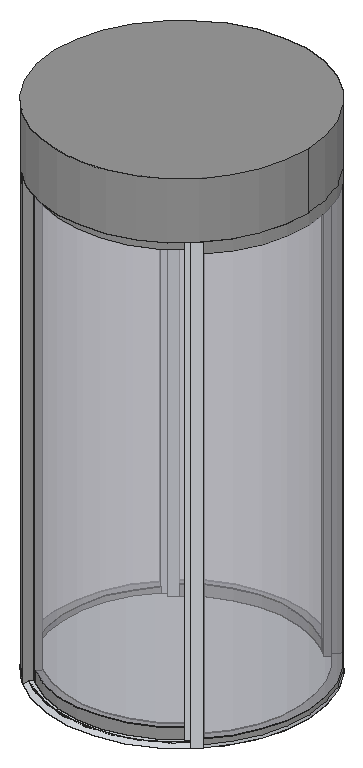
Revit family "C2-R", category Doors, host Wall, Revit 2017
Family settings
  Host = Wall
  OmniClass Number = 23.30.10.00
  OmniClass Title = Doors
  Always vertical = Yes
  Cut with Voids When Loaded = No
  Shared = No
  Room Calculation Point = No
Parameters (values of type "HUC STD")
  Radius4 = Radius - 22.5 mm  # 553 mm
  Radius3 = Radius * 0.884  # 508.742 mm
  Radius2 = Radius * 0.9323  # 536.539 mm
  Radius = Width / 2  # 575.5 mm
  Weekly = "refer to O&M manual"
  WarrantyStartDate [instance] = ""
  WarrantyGuarantorParts = ""
  WarrantyGuarantorLabour = ""
  WarrantyDurationUnit = "N/A"
  WarrantyDurationParts = "N/A"
  WarrantyDurationLabour = "N/A"
  WarrantyDescription = "N/A"
  Warranty ID = ""
  Voltage = "110 - 230 V"
  UsageCurrent = 0
  Unique Reference = ""
  Translucency = 0 mm
  ThermalTransmittanceWinter = 0 mm
  ThermalTransmittanceSummer = 0 mm
  ThermalTransmittance = 0
  Technical Description = ""
  TagNumber [instance] = ""
  SustainabilityPerformance = ""
  Supply Phase = 1
  StartCurrentFactor = 0
  Thickness = Width  # 1151 mm
  SolarHeatGainTransmittance = 0 mm
  SmokeStop = no
  Size(HxWxD) = "2312x1151x1151"
  Shipping Weight = "670 kg (standard version: whole portal assembled, one crate)"
  Shape = "circular"
  ServiceLifeType = ""
  ServiceLifeDuration [instance] = ""
  SerialNumber [instance] = ""
  SelfClosing = yes
  SecurityRating = ""
  Responsible Sourcing of Materials = ""
  Responsible Extraction of Materials = ""
  ReplacementCost = ""
  Reflectivity = 0 mm
  Reference = ""
  Quarterly = ""
  Product Range = "High Security Portals"
  Product Name = ""
  Product Model Number = "C2"
  Product Literature = ""
  Product URL = "https://www.alluserindustrie.com/cylindrical/C2/"
  PhaseReference = ""
  PhaseAngle = 0.00°
  Overall Width = Width  # 1151 mm
  Overall Length = Width  # 1151 mm
  Overall Height = Height  # 2320 mm
  Operation and Maintenance Manual = ""
  NumberOfPoles = 0
  Number of Poles = 0
  NominalVoltage = 0
  NominalLength = 0 mm
  NominalFrequencyRange = 0
  NominalCurrent = 0
  NominalWidth = ""
  NominalHeight = ""
  Name = ""
  MotorEnclosureType = ""
  Monthly = "refer to O&M manual"
  ModelReference = ""
  ModelNumber = ""
  MaximumPowerOutput = 0
  Material = ""
  Manufacturer Country = "Italy"
  Manufacturer Website = "www.alluserindustrie.com"
  Manufacturer = "Alluser Industrie srl"
  LockedRotorCurrent = 0
  Location of Manufacturer = "Italy"
  Life Cycle Analysis = 0
  IsWired = yes
  IsTempered = no
  IsLaminated = yes
  IsGuarded  = yes
  IsExternal = yes
  IsCoated = yes
  InsulationStandardClass = ""
  Instruction Video = "https://www.youtube.com/watch?v=nNg_blPAJUQ"
  InstallationDate [instance] = ""
  Infiltration = 0
  IP_Code = ""
  HasProtectiveEarth = yes
  HasPartWinding = yes
  HasDrive = yes
  HandicapAccessible = yes
  Gross Weight = "520 kg (with glass P2A UNI EN 356)"
  Green Guide for Specification = ""
  Grade = ""
  GlazingAreaFraction = 0
  GlassThickness3 = 0 mm
  GlassThickness2 = 0 mm
  GlassThickness1 = 11 mm
  GlassLayers = 1
  GlassColour = ""
  Function = Interior
  Frequency = "50-60Hz"
  FrameSize = ""
  FireRating = ""
  FireExit = no
  Finish = ""
  FillGas = ""
  Features = ""
  Feature = "Anti Tailgating High Security portal - Cylindrical Shape"
  ExpectedLife = "Subjected to regular maintenance"
  Expected Life = "Subjected to regular maintenance"
  Environmental Product Declaration = ""
  Energy Technology List = ""
  Enclosure Rating = ""
  Embodied Carbon = ""
  ElectricalDeviceNominalPower = 35
  ElectricMotorEfficiency = 0
  EAN Code = ""
  Duration Unit = ""
  Design Country = "Italy"
  Description = "Anti Tailgating High Security portal - Cylindrical Shape"
  Daily = "refer to O&M manual"
  Analytic Construction = "<Nessuno>"
  Constituents = ""
  Colour = "PPC RAL 30% Gloss"
  CodePerformance = ""
  Category = ""
  CE Approval = yes
  BeamRadiationTransmittance = 0 mm
  Battery Type = "Sealed Lead  Acid Battery 7Ah; 12 V"
  Battery Supply = yes
  BarCode [instance] = ""
  AssetType = "Alluser Antitailgating High Security Portals"
  AssetIdentifier [instance] = "C2R"
  Annually = "refer to O&M manual"
  Rough Height = 2320 mm
  Height = 2320 mm
  Wall Closure = By host
  Width = 1151 mm
  AcousticRating = ""
  AccessibilityPerformance = ""
  Access Clearance Bottom = "It is not required"
  Access Clearance Top = "Space above top (internal side) raccomanded 750 mm (min. 350 mm)"
  Access Clearance Right = "It is not required"
  Access Clearance Rear = "It is not required"
  Access Clearance Left = "It is not required"
  Access Clearance Front = "It is not required"
  6 Monthly = "refer to O&M manual"
Types (3, lengths in mm): name | Voltage | SmokeStop | Size(HxWxD) | Shipping Weight | Overall Height | IsTempered | Gross Weight | Expected Life | Enclosure Rating | Rough Height | Height
  HUC STD | "110 - 230 V" | no | "2312x1151x1151" | "670 kg (standard version: whole portal assembled, one crate)" | 2320 | no | "520 kg (with glass P2A UNI EN 356)" | "Subjected to regular maintenance" | "" | 2320 | 2320
  HUC 2134 | "110 - 220 v" | yes | "2406x1151x1151" | "685 kg (standard version: whole portal assembled, one crate)" | 2406 | yes | "535 kg (with glass P2A UNI EN 356)" | "subjected to regular maintenance" | "N/A" | 2406 | 2406
  HUC 2300 | "110 - 220 v" | yes | "2560x1151x1151" | "655 kg (standard version: whole portal assembled, one crate)" | 2560 | yes | "550 kg (with glass P2A UNI EN 356)" | "Subjected to regular maintenance" | "N/A" | 2560 | 2560
Reference planes
  plane 1: y = 0
  plane 2 "Centro (Sinistra/Destra)": x = 0
  plane 3 "Sinistra": x = -575.5
  plane 4 "Destra": x = 575.5
  plane 5: z = 2320
  plane 6 "Esterni": y = 75
  plane 7 "Interno": y = -75
  plane 8: z = 0
  plane 9: z = 2060
  plane 10: z = 62
  plane 11: z = 2010
  plane 12: y = 57.205
  plane 13: y = -57.205
  plane 14: y = 575.5
  plane 15: y = -575.5
  plane 16: y = 584.5
  plane 17: y = -584.5
  plane 18: through (322.537, 372.669, 1200) normal (0.7561, -0.6544, 0)
  plane 19: through (-332.534, 369.358, 1200) normal (0.7432, 0.6691, 0)
  plane 20: through (-290.872, 293.191, 1200) normal (-0.7432, -0.6691, 0)
  plane 21: through (184.956, 282.468, 1200) normal (-0.7561, 0.6544, 0)
  plane 22: z = 35
  plane 23: z = 12
  plane 24: y = 553.5
  plane 25: through (356.563, 343.22, 1200) normal (0.7561, -0.6544, 0)
  plane 26: through (-311.074, 375.414, 1200) normal (0.7432, 0.6691, 0)
  plane 27: through (360.784, -333.48, 1200) normal (-0.7432, -0.6691, 0)
  plane 28: through (337.659, 359.58, 1200) normal (0.7561, -0.6544, 0)
  plane 29: through (307.414, 385.757, 1200) normal (0.7561, -0.6544, 0)
  plane 30: through (362.121, -334.966, 1200) normal (-0.7432, -0.6691, 0)
  plane 31: through (-365.977, 339.249, 1200) normal (0.7432, 0.6691, 0)
Forms (mm)
  Extrusion 1, solid, material "Zinco"
    sketch origin (0, 0, 0) x (1, 0, 0) y (0, 1, 0)
      loop
        circle (0, 0) r 575.5
    from 2060 to 2320
  Extrusion 2, solid, material "Zinco"
    sketch origin (0, 0, 0) x (1, 0, 0) y (0, 1, 0)
      loop
        arc (335.753, 418.501) -> (-5.25, 536.513) -> (-343.879, 411.851) r 536.539
        line (-343.879, 411.851) -> (-325.267, 391.178)
        arc (-325.267, 391.178) -> (-4.978, 508.718) -> (317.549, 397.468) r 508.742
        line (317.549, 397.468) -> (335.753, 418.501)
    from 12 to 62
  Extrusion 3, solid, material "Vetro"
    sketch origin (0, 0, 0) x (1, 0, 0) y (0, 1, 0)
      loop
        arc (335.753, 418.501) -> (-5.25, 536.513) -> (-343.879, 411.851) r 536.539
        line (-343.879, 411.851) -> (-325.267, 391.178)
        arc (-325.267, 391.178) -> (-4.978, 508.718) -> (317.549, 397.468) r 508.742
        line (317.549, 397.468) -> (335.753, 418.501)
    from 62 to 2010
  Extrusion 4, solid
    sketch origin (0, 0, 0) x (1, 0, 0) y (0, 1, 0)
      loop
        arc (335.753, 418.501) -> (-5.25, 536.513) -> (-343.879, 411.851) r 536.539
        line (-343.879, 411.851) -> (-325.267, 391.178)
        arc (-325.267, 391.178) -> (-4.978, 508.718) -> (317.549, 397.468) r 508.742
        line (317.549, 397.468) -> (335.753, 418.501)
    from 2010 to 2060
  Extrusion 5, solid, material "Zinco"
    sketch origin (0, 0, 0) x (1, 0, 0) y (0, 1, 0)
      loop
        arc (365.999, 392.325) -> (351.12, 405.695) -> (335.753, 418.501) r 536.539
        line (335.753, 418.501) -> (317.549, 397.468)
        arc (317.549, 397.468) -> (332.929, 384.677) -> (347.795, 371.291) r 508.742
        line (347.795, 371.291) -> (365.999, 392.325)
    from 12 to 2060
  Extrusion 6, solid, material "Zinco"
    sketch origin (23.368, 27, 0) x (1, 0, 0) y (0, 1, 0)
      loop
        arc (-389.367, -419.325) -> (-374.488, -432.695) -> (-359.122, -445.502) r 536.539
        line (-359.122, -445.502) -> (-340.918, -424.468)
        arc (-340.918, -424.468) -> (-356.298, -411.677) -> (-371.163, -398.292) r 508.742
        line (-371.163, -398.292) -> (-389.367, -419.325)
    from 12 to 2060
  Extrusion 7, solid, material "Zinco"
    sketch origin (0, 0, 0) x (1, 0, 0) y (0, 1, 0)
      loop
        line (-317.549, -397.468) -> (-335.753, -418.501)
        arc (-335.753, -418.501) -> (5.25, -536.513) -> (343.879, -411.851) r 536.539
        line (343.879, -411.851) -> (325.267, -391.178)
        arc (325.267, -391.178) -> (4.978, -508.718) -> (-317.549, -397.468) r 508.742
    from 12 to 62
  Extrusion 8, solid, material "Vetro"
    sketch origin (0, 0, 0) x (1, 0, 0) y (0, 1, 0)
      loop
        arc (325.267, -391.178) -> (4.978, -508.718) -> (-317.549, -397.468) r 508.742
        line (-317.549, -397.468) -> (-335.753, -418.501)
        arc (-335.753, -418.501) -> (5.25, -536.513) -> (343.879, -411.851) r 536.539
        line (343.879, -411.851) -> (325.267, -391.178)
    from 62 to 2010
  Extrusion 9, solid, material "Zinco"
    sketch origin (0, 0, 0) x (1, 0, 0) y (0, 1, 0)
      loop
        arc (324.415, -391.884) -> (4.425, -508.723) -> (-317.549, -397.468) r 508.742
        line (-317.549, -397.468) -> (-335.753, -418.501)
        arc (-335.753, -418.501) -> (5.25, -536.513) -> (343.879, -411.851) r 536.539
        line (343.879, -411.851) -> (324.415, -391.884)
    from 2010 to 2060
  Extrusion 10, solid, material "Zinco"
    sketch origin (0, 0, 0) x (1, 0, 0) y (0, 1, 0)
      loop
        arc (-417.303, 396.306) -> (-575.473, -5.615) -> (-409.49, -404.374) r 575.5
        line (-409.49, -404.374) -> (-383.909, -374.817)
        arc (-383.909, -374.817) -> (-536.513, -5.235) -> (-391.15, 367.254) r 536.539
        line (-391.15, 367.254) -> (-417.303, 396.306)
    from 12 to 35
  Extrusion 11, solid, material "Zinco"
    sketch origin (0, 0, 0) x (1, 0, 0) y (0, 1, 0)
      loop
        arc (-383.909, -374.817) -> (-536.513, -5.235) -> (-391.15, 367.254) r 536.539
        line (-391.15, 367.254) -> (-417.303, 396.306)
        arc (-417.303, 396.306) -> (-575.473, -5.615) -> (-409.49, -404.374) r 575.5
        line (-409.49, -404.374) -> (-383.909, -374.817)
    from 2010 to 2060
  Extrusion 12, solid, material "Zinco"
    sketch origin (0, 0, 0) x (1, 0, 0) y (0, 1, 0)
      loop
        arc (-409.49, -404.374) -> (-393.355, -420.086) -> (-376.617, -435.155) r 575.5
        line (-376.617, -435.155) -> (-351.12, -405.695)
        arc (-351.12, -405.695) -> (-367.839, -390.6) -> (-383.909, -374.817) r 536.539
        line (-383.909, -374.817) -> (-409.49, -404.374)
    from 0 to 2060
  Extrusion 13, solid, material "Zinco"
    sketch origin (0, 0, 0) x (1, 0, 0) y (0, 1, 0)
      loop
        arc (417.325, -396.283) -> (575.472, 5.631) -> (409.49, 404.374) r 575.5
        line (409.49, 404.374) -> (383.909, 374.817)
        arc (383.909, 374.817) -> (536.513, 5.25) -> (391.17, -367.232) r 536.539
        line (391.17, -367.232) -> (417.325, -396.283)
    from 12 to 35
  Extrusion 14, solid, material "Zinco"
    sketch origin (0, 0, 0) x (1, 0, 0) y (0, 1, 0)
      loop
        arc (409.49, 404.374) -> (393.355, 420.086) -> (376.617, 435.155) r 575.5
        line (376.617, 435.155) -> (351.12, 405.695)
        arc (351.12, 405.695) -> (367.839, 390.6) -> (383.909, 374.817) r 536.539
        line (383.909, 374.817) -> (409.49, 404.374)
    from 0 to 2060
  Extrusion 15, solid, material "Vetro"
    sketch origin (0, 0, 0) x (1, 0, 0) y (0, 1, 0)
      loop
        arc (417.325, -396.283) -> (575.472, 5.631) -> (409.49, 404.374) r 575.5
        line (409.49, 404.374) -> (383.909, 374.817)
        arc (383.909, 374.817) -> (536.513, 5.25) -> (391.17, -367.232) r 536.539
        line (391.17, -367.232) -> (417.325, -396.283)
    from 35 to 2010
  Extrusion 16, solid, material "Zinco"
    sketch origin (0, 0, 0) x (1, 0, 0) y (0, 1, 0)
      loop
        arc (417.325, -396.283) -> (575.472, 5.631) -> (409.49, 404.374) r 575.5
        line (409.49, 404.374) -> (383.909, 374.817)
        arc (383.909, 374.817) -> (536.513, 5.25) -> (391.17, -367.232) r 536.539
        line (391.17, -367.232) -> (417.325, -396.283)
    from 2010 to 2060
  Extrusion 17, solid
    sketch origin (0, 0, 0) x (1, 0, 0) y (0, 1, 0)
      loop
        arc (417.325, -396.283) -> (575.472, 5.631) -> (409.49, 404.374) r 575.5
        line (409.49, 404.374) -> (394.718, 387.307)
        arc (394.718, 387.307) -> (-5.396, 552.974) -> (-402.201, 379.53) r 553
        line (-402.201, 379.53) -> (-417.303, 396.306)
        arc (-417.303, 396.306) -> (-575.473, -5.615) -> (-409.49, -404.374) r 575.5
        line (-409.49, -404.374) -> (-394.718, -387.307)
        arc (-394.718, -387.307) -> (5.411, -552.974) -> (402.222, -379.508) r 553
        line (402.222, -379.508) -> (417.325, -396.283)
    from 0 to 12
  Sweep 18, solid
    path origin (0, 0, 0) x (1, 0, 0) y (0, 1, 0)
      loop
        circle (0, 0) r 575.5
    profile origin (0, 575.5, 0) x (0, -1, 0) y (0, 0, 1)
      loop
        line (0, 0) -> (22.5, 0) -> (22.5, 12.422) -> (0, 0)
  Extrusion 19, solid
    sketch origin (0, -1.149, 0) x (1, 0, 0) y (0, 1, 0)
      loop
        arc (-385.061, 428.851) -> (-401.489, 413.468) -> (-417.303, 397.455) r 575.5
        line (-417.303, 397.455) -> (-391.15, 368.403)
        arc (-391.15, 368.403) -> (-375.401, 384.486) -> (-358.992, 399.895) r 536.539
        line (-358.992, 399.895) -> (-385.061, 428.851)
    from 0 to 2060
  Extrusion 20, solid
    sketch origin (0, 0, 0) x (1, 0, 0) y (0, 1, 0)
      loop
        circle (0, 0) r 553
    from 0 to 12
  Extrusion 21, solid
    sketch origin (0, 0, 0) x (1, 0, 0) y (0, 1, 0)
      loop
        arc (343.879, -411.851) -> (358.992, -398.746) -> (373.606, -385.087) r 536.539
        line (373.606, -385.087) -> (354.994, -364.414)
        arc (354.994, -364.414) -> (340.394, -378.088) -> (325.267, -391.178) r 508.742
        line (325.267, -391.178) -> (343.879, -411.851)
    from 12 to 2060
  Extrusion 22, solid
    sketch origin (0, 0, 0) x (1, 0, 0) y (0, 1, 0)
      loop
        arc (385.061, -427.702) -> (401.5, -412.308) -> (417.325, -396.283) r 575.5
        line (417.325, -396.283) -> (391.17, -367.232)
        arc (391.17, -367.232) -> (375.412, -383.327) -> (358.992, -398.746) r 536.539
        line (358.992, -398.746) -> (385.061, -427.702)
    from 0 to 2060
  Extrusion 23, solid, material "Vetro"
    sketch origin (0, 0, 0) x (1, 0, 0) y (0, 1, 0)
      loop
        arc (-383.909, -374.817) -> (-536.513, -5.235) -> (-391.15, 367.254) r 536.539
        line (-391.15, 367.254) -> (-417.303, 396.306)
        arc (-417.303, 396.306) -> (-575.473, -5.615) -> (-409.49, -404.374) r 575.5
        line (-409.49, -404.374) -> (-383.909, -374.817)
    from 35 to 2010
  Extrusion 24, solid
    sketch origin (0, 0, 0) x (1, 0, 0) y (0, 1, 0)
      loop
        arc (-343.879, 411.851) -> (-358.992, 398.746) -> (-373.606, 385.087) r 536.539
        line (-373.606, 385.087) -> (-354.994, 364.414)
        arc (-354.994, 364.414) -> (-340.394, 378.088) -> (-325.267, 391.178) r 508.742
        line (-325.267, 391.178) -> (-343.879, 411.851)
    from 12 to 2300
Lines and regions (mm)
  Opening 1
    outline origin (-3138.249, -75, 0) x (1, 0, 0) y (0, 0, 1)
      loop
        line (2562.749, 0) -> (3713.749, 0) -> (3713.749, 2320) -> (2562.749, 2320) -> (2562.749, 0)
  reference lines
    curve 1: circle (0, 0, 0) r 536.539 normal (0, 0, 1)
    curve 2: circle (0, 0, 0) r 508.742 normal (0, 0, 1)
    curve 3: circle (0, 0, 0) r 575.5 normal (0, 0, 1)
    curve 4: circle (0, 0, 0) r 553 normal (0, 0, 1)
Text (mm)
  text "Exterior" at (-2295.016, 1099.543, 0), in view "Ref. Level"
  text "Exterior" at (0, 1615.38, 3698.081), in view "Left"
  text "Exterior" at (0, 1036.032, 3874.932), in view "Right"
Dimensions and locks
  equal spacing: plane 3 "Sinistra", plane 2 "Centro (Sinistra/Destra)", plane 4 "Destra"
  "Width": plane 3 "Sinistra" to plane 4 "Destra"
  "Height": plane 5 to host wall
  host wall to plane 5 = 2320 mm  (x2)
  locked: plane 6 "Esterni" to host wall at 0
  locked: plane 7 "Interno" to host wall
  level to plane 8 = 0 mm  (x2)
  level to plane 9 = 2060 mm
  locked: plane 9 to plane 5 at 260
  level to plane 10 = 62 mm
  plane 11 to plane 9 = 50 mm
  equal spacing: plane 12, host wall, plane 13, locked at 57.205 each
  "Radius": plane 14 to host wall to plane 15
  locked: plane 16 to plane 14 at 9
  locked: plane 15 to plane 17 at 9
  plane 18 to plane 21 = 45 mm
  level to plane 22 = 35 mm
  level to plane 23 = 12 mm
  plane 24 to plane 14 = 22 mm
  plane 18 to Extrusion 6 = 20 mm
  Extrusion 10 to plane 18 = 45 mm
  plane 27 to plane 19 = 45 mm
  plane 19 to plane 31 = 45 mm
  "Radius": radius of Extrusion 1 sketch curve
  "Radius2": radius of curve 1
  "Radius3": radius of curve 2
  "Radius": radius of curve 3
  "Radius4": radius of curve 4
  locked: plane 19 to host wall (angle 48.0032°)
  locked: plane 20 to host wall (angle 48.0032°)
  aligned and locked: plane 3 "Sinistra" to Opening 1 sketch curve
  aligned and locked: plane 5 to Opening 1 sketch curve  (x2)
  aligned and locked: Opening 1 sketch curve to plane 4 "Destra"
  aligned and locked: Opening 1 sketch curve to level
  aligned and locked: plane 1 to host wall
  aligned and locked: Extrusion 1 to host wall
  aligned and locked: Extrusion 1 to plane 9
  aligned and locked: Extrusion 2 sketch curve to curve 1
  aligned and locked: Extrusion 2 sketch curve to curve 2
  aligned and locked: Extrusion 3 sketch curve to Extrusion 2  (x2)
  aligned and locked: plane 10 to Extrusion 3
  aligned and locked: plane 11 to Extrusion 3
  aligned and locked: Extrusion 4 sketch curve to Extrusion 3  (x2)
  aligned and locked: Extrusion 4 to Extrusion 1
  aligned and locked: Extrusion 4 to plane 11
  aligned and locked: Extrusion 5 to Extrusion 1
  aligned and locked: Extrusion 6 to Extrusion 1
  aligned and locked: Extrusion 7 sketch curve to curve 2
  aligned and locked: Extrusion 7 sketch curve to curve 1
  aligned and locked: Extrusion 7 to plane 10
  aligned and locked: plane 11 to Extrusion 8
  aligned and locked: Extrusion 9 to Extrusion 1
  aligned and locked: Extrusion 9 to plane 11
  aligned and locked: Extrusion 10 sketch curve to curve 3
  aligned and locked: Extrusion 10 sketch curve to curve 1
  aligned and locked: Extrusion 10 sketch curve to plane 21
  aligned and locked: Extrusion 10 to plane 22
  aligned and locked: Extrusion 11 to Extrusion 1
  aligned and locked: Extrusion 11 to plane 11
  aligned and locked: Extrusion 12 sketch curve to plane 18
  aligned and locked: Extrusion 12 sketch curve to curve 3
  aligned and locked: Extrusion 12 to Extrusion 1
  aligned and locked: Extrusion 13 sketch curve to curve 3
  aligned and locked: Extrusion 13 sketch curve to curve 1
  aligned and locked: Extrusion 13 to plane 22
  aligned and locked: Extrusion 14 to Extrusion 1
  aligned and locked: Extrusion 15 sketch curve to Extrusion 13  (x2)
  aligned and locked: plane 11 to Extrusion 15
  aligned and locked: plane 22 to Extrusion 15
  aligned and locked: Extrusion 16 sketch curve to Extrusion 15  (x2)
  aligned and locked: Extrusion 16 to Extrusion 1
  aligned and locked: Extrusion 16 to plane 11
  aligned and locked: Extrusion 2 to plane 10
  aligned and locked: Extrusion 13 to plane 23
  aligned and locked: Extrusion 5 to Extrusion 7
  aligned and locked: Extrusion 5 to Extrusion 2
  aligned and locked: Extrusion 2 to Extrusion 6
  aligned and locked: Extrusion 2 to Extrusion 10
  aligned and locked: Extrusion 17 sketch curve to Extrusion 15  (x2)
  aligned and locked: Extrusion 17 to Extrusion 2
  aligned and locked: Extrusion 14 to level
  aligned and locked: Extrusion 12 to level
  aligned and locked: Extrusion 17 sketch curve to curve 4
  aligned and locked: Extrusion 8 sketch curve to Extrusion 7  (x3)
  aligned and locked: Extrusion 3 to Extrusion 8
  aligned and locked: plane 10 to Extrusion 8
  aligned and locked: Sweep 18 sketch curve to curve 3
  aligned and locked: plane 29 to Extrusion 6 sketch curve
  aligned and locked: Extrusion 23 sketch curve to Extrusion 10  (x2)
  aligned and locked: Extrusion 12 to Extrusion 23 sketch curve
  aligned and locked: Extrusion 9 sketch curve to Extrusion 8  (x3)
  aligned and locked: Extrusion 21 to Extrusion 1
  aligned and locked: Extrusion 22 to Extrusion 1
  aligned and locked: Extrusion 23 to Extrusion 3
  aligned and locked: Extrusion 12 to Extrusion 4
  aligned and locked: Extrusion 6 to Extrusion 4
  aligned and locked: Extrusion 3 to Extrusion 15
  aligned and locked: Extrusion 4 to Extrusion 5
  aligned and locked: Extrusion 4 to Extrusion 14
  aligned and locked: Extrusion 19 to Extrusion 1
  aligned and locked: Extrusion 23 to Extrusion 4
  aligned and locked: Sweep 18 sketch curve to curve 4
  aligned and locked: Extrusion 20 sketch curve to Sweep 18  (x2)
  aligned and locked: Extrusion 11 sketch curve to Extrusion 10  (x3)
  aligned and locked: Extrusion 11 sketch curve to Extrusion 23
  aligned and locked: Extrusion 19 sketch curve to curve 3
  aligned and locked: Extrusion 19 sketch curve to curve 1
  aligned and locked: Extrusion 19 sketch curve to plane 19
  aligned and locked: Extrusion 19 sketch curve to Extrusion 10
  aligned and locked: Extrusion 12 sketch curve to curve 1
  aligned and locked: Extrusion 6 sketch curve to Extrusion 12
  aligned and locked: Extrusion 6 sketch curve to curve 2
  aligned and locked: Extrusion 21 sketch curve to curve 1
  aligned and locked: Extrusion 21 sketch curve to curve 2
  aligned and locked: Extrusion 21 sketch curve to Extrusion 8
  aligned and locked: Extrusion 21 sketch curve to plane 26
  aligned and locked: Extrusion 22 sketch curve to curve 3
  aligned and locked: Extrusion 22 sketch curve to curve 1
  aligned and locked: Extrusion 22 sketch curve to plane 19
  aligned and locked: Extrusion 22 sketch curve to Extrusion 15
  aligned and locked: Extrusion 14 sketch curve to curve 3
  aligned and locked: Extrusion 14 sketch curve to curve 1
  aligned and locked: Extrusion 14 sketch curve to Extrusion 13
  aligned and locked: plane 18 to Extrusion 14 sketch curve
  aligned and locked: Extrusion 5 sketch curve to curve 1
  aligned and locked: Extrusion 5 sketch curve to curve 2
  aligned and locked: Extrusion 5 sketch curve to plane 28
  aligned and locked: Extrusion 5 sketch curve to plane 29
  aligned and locked: Extrusion 3 sketch curve to Extrusion 5
  aligned and locked: Extrusion 17 sketch curve to Extrusion 23
  aligned and locked: Extrusion 17 sketch curve to Extrusion 20
  aligned and locked: Extrusion 23 sketch curve to Extrusion 19
  aligned and locked: Extrusion 23 to Extrusion 17 sketch curve
Automatic sketch dimensions
  host wall to Extrusion 1 sketch curve = 0 mm
  Extrusion 1 sketch curve to plane 2 "Centro (Sinistra/Destra)" = 0 mm
  Extrusion 10 sketch curve to plane 19 = 44.971 mm
  Extrusion 10 sketch curve to plane 19 = 44.968 mm
  curve 1 to curve 3 = 0 mm  (x2)
  curve 1 to curve 4 = 0 mm  (x2)
  curve 2 to curve 4 = 0 mm  (x2)
  host wall to curve 2 = 0 mm
  curve 2 to plane 2 "Centro (Sinistra/Destra)" = 0 mm
  Extrusion 12 sketch curve to plane 21 = 0 mm  (x3)
  plane 30 to Extrusion 16 sketch curve = 0 mm  (x2)
  plane 30 to Extrusion 15 sketch curve = 0 mm  (x2)
  plane 25 to Extrusion 16 sketch curve = 0 mm  (x2)
  plane 25 to Extrusion 13 sketch curve = 0 mm  (x2)
  plane 30 to Extrusion 13 sketch curve = 0 mm  (x2)
  plane 28 to Extrusion 7 sketch curve = 0 mm  (x2)
  plane 20 to Extrusion 7 sketch curve = 0 mm
  Extrusion 7 sketch curve to plane 20 = 0 mm
  plane 29 to Extrusion 2 sketch curve = 0 mm  (x2)
  plane 29 to Extrusion 4 sketch curve = 0 mm  (x2)
  plane 25 to Extrusion 15 sketch curve = 0 mm  (x2)
  Extrusion 9 sketch curve to plane 20 = 1.105 mm
  plane 20 to Extrusion 9 sketch curve = 0 mm
  plane 27 to Extrusion 17 sketch curve = 0 mm  (x2)
  Sweep 18 sketch curve to profile plane = 0 mm
  Sweep 18 sketch curve to profile plane = 22.5 mm
  Sweep 18 sketch curve to Sweep 18 sketch curve = 12.422 mm
  plane 18 to Extrusion 6 sketch curve = 20 mm
  plane 28 to Extrusion 6 sketch curve = 0 mm  (x2)
  plane 28 to Extrusion 8 sketch curve = 0 mm  (x2)
  Extrusion 21 sketch curve to plane 26 = 0 mm  (x2)
  plane 27 to Extrusion 22 sketch curve = 0 mm  (x2)
  plane 28 to Extrusion 5 sketch curve = 0 mm
  Extrusion 17 sketch curve to plane 21 = 0 mm  (x2)
  Extrusion 2 sketch curve to plane 26 = 0 mm  (x2)
  Extrusion 3 sketch curve to plane 26 = 0 mm  (x2)
  Extrusion 4 sketch curve to plane 26 = 0 mm  (x2)
  Extrusion 24 sketch curve to Extrusion 24 sketch curve = 0 mm  (x2)
  plane 20 to Extrusion 24 sketch curve = 0 mm  (x2)
  Extrusion 24 sketch curve to plane 26 = 0 mm  (x2)
  host wall to Extrusion 24 sketch curve = 0 mm
  Extrusion 24 sketch curve to plane 2 "Centro (Sinistra/Destra)" = 0 mm
  Extrusion 24 sketch curve to plane 24 = 162.322 mm
  Extrusion 24 sketch curve to plane 24 = 141.649 mm
Nested families
  nested 1: "C2-R-Top-View" at (0, 0, 0), type "C2-R-Top-View"
Definition of nested family "C2-R-Top-View"
  Reference planes
    plane 1 "Center (Front/Back)": y = 0
    plane 2: z = 0
    plane 3 "Center (Left/Right)": x = 0
  Lines and regions (mm)
    Filled region 1, type "C2R MY16.dwg.A-A--8", in view "Ref. Level"
      outline origin (0, 0, 0) x (1, 0, 0) y (0, 1, 0)
        loop
          line (288.637, -682.658) -> (338.636, -674.321) -> (288.637, -665.991) -> (288.637, -682.658)
    Filled region 2, type "C2R MY16.dwg.A-A--8", in view "Ref. Level"
      outline origin (0, 0, 0) x (1, 0, 0) y (0, 1, 0)
        loop
          line (-311.321, -666.034) -> (-361.321, -674.37) -> (-311.321, -682.7) -> (-311.321, -666.034)
    Filled region 3, type "C2R MY16.dwg.A-A--8", in view "Ref. Level"
      outline origin (0, 0, 0) x (1, 0, 0) y (0, 1, 0)
        loop
          line (-522.512, -781.692) -> (-572.512, -790.026) -> (-522.512, -798.359) -> (-522.512, -781.692)
    Filled region 4, type "C2R MY16.dwg.A-A--8", in view "Ref. Level"
      outline origin (0, 0, 0) x (1, 0, 0) y (0, 1, 0)
        loop
          line (528.488, -798.359) -> (578.488, -790.026) -> (528.488, -781.692) -> (528.488, -798.359)
    model lines, in view "Ref. Level"
      curve 1: line (279.103, 172.277, 0) -> (279.103, 98.519, 0)
      curve 2: line (238.892, 133.242, 0) -> (319.315, 133.242, 0)
      curve 3: arc (-0.048, -541.375, 0) -> (0.482, -540.91, 0) -> (0.019, -540.377, 0) r 0.5
      curve 4: arc (372.2, 408.603, 0) -> (-535.013, -140.333, 0) -> (524.791, -174.691, 0) r 553
      curve 5: arc (0.012, 540.623, 0) -> (-0.516, 540.155, 0) -> (-0.051, 539.625, 0) r 0.5
      curve 6: arc (-142.911, -507.633, 0) -> (219.894, -479.3, 0) -> (477.838, -222.601, 0) r 527
      curve 7: arc (-315.99, -355.039, 0) -> (-0.033, -475.376, 0) -> (315.932, -355.061, 0) r 475
      curve 8: arc (-371.109, -410.376, 0) -> (0.054, -553.376, 0) -> (371.18, -410.281, 0) r 553
      curve 9: circle (-0.012, -540.876, 0) r 0.5 normal (0, 0, 1)
      curve 10: arc (-371.744, -411.078, 0) -> (0.074, -554.323, 0) -> (371.845, -410.956, 0) r 553.947
      curve 11: arc (-384.53, -425.204, 0) -> (0.077, -573.376, 0) -> (384.636, -425.078, 0) r 573
      curve 12: arc (358.809, -397.873, 0) -> (535.482, -0.43, 0) -> (358.889, 397.048, 0) r 535.501
      curve 13: arc (315.931, -355.06, 0) -> (474.981, -0.393, 0) -> (315.956, 354.286, 0) r 475
      curve 14: arc (355.58, -358.952, 0) -> (489.197, -125.658, 0) -> (484.161, 143.143, 0) r 505
      curve 15: arc (505.253, 149.393, 0) -> (491.617, 156.695, 0) -> (484.161, 143.143, 0) r 11
      curve 16: arc (477.838, -222.601, 0) -> (-430.539, 303.563, 0) -> (369.346, -376.277, 0) r 527
      curve 17: arc (-358.912, 397.056, 0) -> (-535.515, -0.49, 0) -> (-358.744, -397.963, 0) r 535.501
      curve 18: arc (-315.963, 354.308, 0) -> (-475.015, -0.36, 0) -> (-315.99, -355.039, 0) r 475
      curve 19: arc (-355.612, 358.199, 0) -> (-489.23, 124.906, 0) -> (-484.195, -143.895, 0) r 505
      curve 20: arc (-505.286, -150.146, 0) -> (-491.65, -157.448, 0) -> (-484.195, -143.895, 0) r 11
      curve 21: arc (-356.491, 387.766, 0) -> (-358.319, 386.08, 0) -> (-360.139, 384.384, 0) r 527
      curve 22: arc (315.957, 354.287, 0) -> (0, 474.624, 0) -> (-315.965, 354.309, 0) r 475
      curve 23: arc (524.791, -174.691, 0) -> (302.022, 462.854, 0) -> (-371.214, 409.529, 0) r 553
      curve 24: circle (-0.022, 540.124, 0) r 0.5 normal (0, 0, 1)
      curve 25: arc (371.711, 410.326, 0) -> (-0.111, 553.571, 0) -> (-371.884, 410.199, 0) r 553.947
      curve 26: arc (384.496, 424.452, 0) -> (-0.111, 572.624, 0) -> (-384.669, 424.326, 0) r 573
      curve 27: arc (394.113, -368.781, 0) -> (514.067, -164.015, 0) -> (534.55, 72.414, 0) r 539.5
      curve 28: arc (534.55, 72.414, 0) -> (487.446, 230.796, 0) -> (394.613, 367.493, 0) r 539.5
      curve 29: arc (417.92, 390.885, 0) -> (416.393, 392.51, 0) -> (414.859, 394.129, 0) r 572.5
      curve 30: arc (414.325, -395.442, 0) -> (415.85, -393.837, 0) -> (417.368, -392.226, 0) r 572.5
      curve 31: arc (385.505, -419.672, 0) -> (387.3, -420.549, 0) -> (389.248, -420.104, 0) r 3
      curve 32: arc (388.834, 419.781, 0) -> (388.124, 420.069, 0) -> (387.419, 419.771, 0) r 1
      curve 33: arc (365.658, 397.692, 0) -> (365.37, 396.983, 0) -> (365.668, 396.278, 0) r 1
      curve 34: arc (392.02, 370.305, 0) -> (392.729, 370.017, 0) -> (393.434, 370.315, 0) r 1
      curve 35: arc (389.914, 368.168, 0) -> (392.751, 367.017, 0) -> (395.571, 368.209, 0) r 4
      curve 36: arc (363.522, 399.798, 0) -> (362.37, 396.961, 0) -> (363.562, 394.141, 0) r 4
      curve 37: arc (390.939, 421.917, 0) -> (388.103, 423.068, 0) -> (385.283, 421.876, 0) r 4
      curve 38: arc (386.859, -421.05, 0) -> (387.564, -421.349, 0) -> (388.274, -421.062, 0) r 1
      curve 39: arc (365.135, -397.533, 0) -> (364.836, -398.238, 0) -> (365.123, -398.947, 0) r 1
      curve 40: arc (392.93, -371.602, 0) -> (392.225, -371.303, 0) -> (391.515, -371.59, 0) r 1
      curve 41: arc (395.068, -369.498, 0) -> (392.25, -368.303, 0) -> (389.412, -369.451, 0) r 4
      curve 42: arc (363.031, -395.394, 0) -> (361.836, -398.213, 0) -> (362.984, -401.051, 0) r 4
      curve 43: arc (384.72, -423.154, 0) -> (387.539, -424.349, 0) -> (390.377, -423.201, 0) r 4
      curve 44: arc (572.483, -0.321, 0) -> (-572.517, -0.404, 0) -> (572.483, -0.376, 0) r 572.5
      curve 45: arc (565.753, -105.757, 0) -> (575.483, -0.763, 0) -> (565.894, 104.243, 0) r 575.5
      curve 46: arc (572.483, -0.376, 0) -> (532.442, 209.966, 0) -> (417.92, 390.884, 0) r 572.5
      curve 47: arc (565.878, 104.329, 0) -> (513.679, 259.079, 0) -> (420.11, 392.935, 0) r 575.5
      curve 48: arc (417.368, -392.226, 0) -> (532.304, -211.068, 0) -> (572.483, -0.321, 0) r 572.5
      curve 49: arc (419.555, -394.279, 0) -> (513.312, -260.556, 0) -> (565.73, -105.879, 0) r 575.5
      curve 50: arc (395.638, -370.078, 0) -> (489.535, -231.81, 0) -> (536.793, -71.495, 0) r 541.5
      curve 51: arc (536.793, -71.495, 0) -> (537.323, -67.367, 0) -> (537.822, -63.235, 0) r 541.5
      curve 52: arc (406.544, -380.377, 0) -> (504.892, -234.383, 0) -> (552.721, -64.976, 0) r 556.5
      curve 53: arc (552.807, 63.479, 0) -> (505.206, 232.951, 0) -> (407.055, 379.077, 0) r 556.5
      curve 54: arc (536.888, 70.02, 0) -> (489.847, 230.396, 0) -> (396.14, 368.787, 0) r 541.5
      curve 55: arc (537.907, 61.758, 0) -> (537.413, 65.891, 0) -> (536.888, 70.02, 0) r 541.5
      curve 56: arc (-394.367, 368.139, 0) -> (-487.294, 231.504, 0) -> (-534.507, 73.15, 0) r 539.5
      curve 57: arc (-534.507, 73.15, 0) -> (-514.184, -163.289, 0) -> (-394.371, -368.134, 0) r 539.5
      curve 58: arc (-417.663, -391.542, 0) -> (-416.134, -393.166, 0) -> (-414.599, -394.784, 0) r 572.5
      curve 59: arc (-414.597, 394.787, 0) -> (-416.12, 393.181, 0) -> (-417.638, 391.569, 0) r 572.5
      curve 60: arc (-388.557, -420.418, 0) -> (-387.847, -420.706, 0) -> (-387.142, -420.407, 0) r 1
      curve 61: arc (-365.396, -398.314, 0) -> (-365.109, -397.605, 0) -> (-365.407, -396.9, 0) r 1
      curve 62: arc (-391.776, -370.945, 0) -> (-392.486, -370.658, 0) -> (-393.19, -370.956, 0) r 1
      curve 63: arc (-389.672, -368.807, 0) -> (-392.509, -367.658, 0) -> (-395.328, -368.852, 0) r 4
      curve 64: arc (-363.258, -400.419, 0) -> (-362.109, -397.581, 0) -> (-363.303, -394.762, 0) r 4
      curve 65: arc (-390.661, -422.557, 0) -> (-387.824, -423.706, 0) -> (-385.004, -422.512, 0) r 4
      curve 66: arc (-387.148, 420.413, 0) -> (-387.853, 420.712, 0) -> (-388.563, 420.424, 0) r 1
      curve 67: arc (-365.408, 396.911, 0) -> (-365.11, 397.616, 0) -> (-365.397, 398.325, 0) r 1
      curve 68: arc (-393.185, 370.961, 0) -> (-392.48, 370.663, 0) -> (-391.771, 370.95, 0) r 1
      curve 69: arc (-395.323, 368.856, 0) -> (-392.503, 367.663, 0) -> (-389.666, 368.812, 0) r 4
      curve 70: arc (-363.303, 394.774, 0) -> (-362.11, 397.593, 0) -> (-363.26, 400.43, 0) r 4
      curve 71: arc (-385.011, 422.518, 0) -> (-387.83, 423.712, 0) -> (-390.668, 422.562, 0) r 4
      curve 72: arc (-562.857, 104.575, 0) -> (-549.442, -160.804, 0) -> (-417.663, -391.542, 0) r 572.5
      curve 73: arc (-565.813, -105.086, 0) -> (-513.51, -259.801, 0) -> (-419.851, -393.594, 0) r 575.5
      curve 74: arc (-417.638, 391.569, 0) -> (-510.816, 258.48, 0) -> (-562.857, 104.575, 0) r 572.5
      curve 75: arc (-419.826, 393.621, 0) -> (-552.311, 161.682, 0) -> (-565.813, -105.086, 0) r 575.5
      curve 76: arc (-395.893, 369.435, 0) -> (-489.696, 231.104, 0) -> (-536.846, 70.757, 0) r 541.5
      curve 77: arc (-536.846, 70.757, 0) -> (-537.374, 66.629, 0) -> (-537.871, 62.497, 0) r 541.5
      curve 78: arc (-406.805, 379.727, 0) -> (-505.055, 233.667, 0) -> (-552.77, 64.228, 0) r 556.5
      curve 79: arc (-552.77, -64.228, 0) -> (-505.055, -233.667, 0) -> (-406.805, -379.727, 0) r 556.5
      curve 80: arc (-535.949, -77.258, 0) -> (-488.288, -234.065, 0) -> (-395.898, -369.43, 0) r 541.5
      curve 81: arc (-537.871, -62.496, 0) -> (-536.961, -69.884, 0) -> (-535.949, -77.258, 0) r 541.5
      curve 82: arc (-370.591, 374.329, 0) -> (-510.452, 130.714, 0) -> (-505.286, -150.146, 0) r 527
      curve 83: arc (337.264, -376.231, 0) -> (345.665, -368.519, 0) -> (353.889, -360.62, 0) r 505
      curve 84: arc (370.561, -375.079, 0) -> (510.419, -131.465, 0) -> (505.253, 149.393, 0) r 527
      curve 85: line (384.636, -425.078, 0) -> (385.303, -424.474, 0)
      curve 86: line (385.303, -424.474, 0) -> (371.845, -410.956, 0)
      curve 87: line (371.845, -410.956, 0) -> (371.21, -410.254, 0)
      curve 88: line (371.21, -410.254, 0) -> (353.063, -392.135, 0)
      curve 89: line (385.303, -424.474, 0) -> (384.667, -423.772, 0)
      curve 90: line (384.667, -423.772, 0) -> (371.21, -410.254, 0)
      curve 91: line (-352.616, -391.81, 0) -> (-371.109, -410.376, 0)
      curve 92: line (-371.109, -410.376, 0) -> (-384.562, -423.898, 0)
      curve 93: line (-384.562, -423.898, 0) -> (-385.197, -424.6, 0)
      curve 94: line (-385.197, -424.6, 0) -> (-384.53, -425.204, 0)
      curve 95: line (336.059, 374.393, 0) -> (315.956, 354.286, 0)
      curve 96: line (-384.669, 424.326, 0) -> (-385.337, 423.721, 0)
      curve 97: line (-385.337, 423.721, 0) -> (-384.701, 423.02, 0)
      curve 98: line (-384.701, 423.02, 0) -> (-371.214, 409.529, 0)
      curve 99: line (-371.214, 409.529, 0) -> (-358.912, 397.056, 0)
      curve 100: line (-358.912, 397.056, 0) -> (-353.156, 391.327, 0)
      curve 101: line (353.056, 391.392, 0) -> (371.075, 409.624, 0)
      curve 102: line (371.075, 409.624, 0) -> (371.711, 410.326, 0)
      curve 103: line (371.711, 410.326, 0) -> (385.164, 423.848, 0)
      curve 104: line (385.164, 423.848, 0) -> (384.496, 424.452, 0)
      curve 105: line (387.419, 419.771, 0) -> (365.658, 397.692, 0)
      curve 106: line (365.668, 396.278, 0) -> (392.02, 370.305, 0)
      curve 107: line (393.434, 370.315, 0) -> (401.156, 378.149, 0)
      curve 108: line (401.156, 378.149, 0) -> (403.292, 376.044, 0)
      curve 109: line (403.292, 376.044, 0) -> (395.571, 368.209, 0)
      curve 110: line (389.914, 368.168, 0) -> (363.562, 394.141, 0)
      curve 111: line (363.522, 399.798, 0) -> (385.283, 421.876, 0)
      curve 112: line (390.939, 421.917, 0) -> (420.14, 393.136, 0)
      curve 113: line (420.14, 393.136, 0) -> (418.034, 391, 0)
      curve 114: line (418.034, 391, 0) -> (388.834, 419.781, 0)
      curve 115: line (386.859, -421.05, 0) -> (365.123, -398.947, 0)
      curve 116: line (365.135, -397.533, 0) -> (391.515, -371.59, 0)
      curve 117: line (392.93, -371.602, 0) -> (400.642, -379.444, 0)
      curve 118: line (400.642, -379.444, 0) -> (402.781, -377.341, 0)
      curve 119: line (402.781, -377.341, 0) -> (395.068, -369.498, 0)
      curve 120: line (389.412, -369.451, 0) -> (363.031, -395.394, 0)
      curve 121: line (362.984, -401.051, 0) -> (384.72, -423.154, 0)
      curve 122: line (390.377, -423.201, 0) -> (419.61, -394.453, 0)
      curve 123: line (419.61, -394.453, 0) -> (417.506, -392.314, 0)
      curve 124: line (417.506, -392.314, 0) -> (388.274, -421.062, 0)
      curve 125: line (417.92, 390.885, 0) -> (420.11, 392.935, 0)
      curve 126: line (418.042, -392.858, 0) -> (419.555, -394.279, 0)
      curve 127: line (417.368, -392.226, 0) -> (417.484, -392.335, 0)
      curve 128: line (552.721, -64.976, 0) -> (538.816, -63.351, 0)
      curve 129: line (538.816, -63.351, 0) -> (537.822, -63.235, 0)
      curve 130: line (406.544, -380.377, 0) -> (396.936, -371.397, 0)
      curve 131: line (552.807, 63.479, 0) -> (538.9, 61.873, 0)
      curve 132: line (538.9, 61.873, 0) -> (537.907, 61.758, 0)
      curve 133: line (407.055, 379.077, 0) -> (397.546, 370.213, 0)
      curve 134: line (-387.142, -420.407, 0) -> (-365.396, -398.314, 0)
      curve 135: line (-365.407, -396.9, 0) -> (-391.776, -370.945, 0)
      curve 136: line (-393.19, -370.956, 0) -> (-400.907, -378.795, 0)
      curve 137: line (-400.907, -378.795, 0) -> (-403.045, -376.691, 0)
      curve 138: line (-403.045, -376.691, 0) -> (-395.328, -368.852, 0)
      curve 139: line (-389.672, -368.807, 0) -> (-363.303, -394.762, 0)
      curve 140: line (-363.258, -400.419, 0) -> (-385.004, -422.512, 0)
      curve 141: line (-390.661, -422.557, 0) -> (-419.881, -393.795, 0)
      curve 142: line (-419.881, -393.795, 0) -> (-417.776, -391.657, 0)
      curve 143: line (-417.776, -391.657, 0) -> (-388.557, -420.418, 0)
      curve 144: line (-387.148, 420.413, 0) -> (-365.397, 398.325, 0)
      curve 145: line (-365.408, 396.911, 0) -> (-391.771, 370.95, 0)
      curve 146: line (-393.185, 370.961, 0) -> (-400.903, 378.799, 0)
      curve 147: line (-400.903, 378.799, 0) -> (-403.041, 376.694, 0)
      curve 148: line (-403.041, 376.694, 0) -> (-395.323, 368.856, 0)
      curve 149: line (-389.666, 368.812, 0) -> (-363.303, 394.774, 0)
      curve 150: line (-363.26, 400.43, 0) -> (-385.011, 422.518, 0)
      curve 151: line (-390.668, 422.562, 0) -> (-419.881, 393.794, 0)
      curve 152: line (-419.881, 393.794, 0) -> (-417.776, 391.656, 0)
      curve 153: line (-417.776, 391.656, 0) -> (-388.563, 420.424, 0)
      curve 154: line (-417.663, -391.542, 0) -> (-419.851, -393.594, 0)
      curve 155: line (-418.312, 392.201, 0) -> (-419.826, 393.621, 0)
      curve 156: line (-417.638, 391.569, 0) -> (-417.754, 391.678, 0)
      curve 157: line (-544.42, 63.257, 0) -> (-538.864, 62.612, 0)
      curve 158: line (-538.864, 62.612, 0) -> (-537.871, 62.497, 0)
      curve 159: line (-406.805, 379.727, 0) -> (-397.192, 370.754, 0)
      curve 160: line (-543.599, -63.162, 0) -> (-538.864, -62.612, 0)
      curve 161: line (-538.864, -62.612, 0) -> (-537.871, -62.496, 0)
      curve 162: line (-406.805, -379.727, 0) -> (-397.302, -370.857, 0)
      curve 163: line (-353.563, 360.22, 0) -> (-353.921, 359.868, 0)
      curve 164: line (-369.019, 375.877, 0) -> (-369.377, 375.525, 0)
      curve 165: line (-315.963, 354.308, 0) -> (-336.116, 374.367, 0)
      curve 166: line (315.932, -355.061, 0) -> (335.655, -374.754, 0)
      curve 167: line (-315.99, -355.039, 0) -> (-335.652, -374.779, 0)
      curve 168: line (-552.77, -64.228, 0) -> (-546.013, -63.442, 0)
      curve 169: line (-552.77, 64.228, 0) -> (-548.534, 63.736, 0)
      curve 170: line (66.025, 0, 0) -> (593.368, 0, 0)
      curve 171: line (-591.383, 0, 0) -> (-144.843, 0, 0)
      curve 172: line (338.616, -394.403, 0) -> (338.616, -694.321, 0)
      curve 173: line (-361.34, -394.452, 0) -> (-361.34, -694.37, 0)
      curve 174: line (288.636, -674.325, 0) -> (248.442, -674.325, 0)
      curve 175: line (-311.321, -674.367, 0) -> (-271.127, -674.367, 0)
      curve 176: line (-572.512, -0.811, 0) -> (-572.512, -810.025, 0)
      curve 177: line (578.488, -0.811, 0) -> (578.488, -810.025, 0)
      curve 178: line (-522.512, -790.026, 0) -> (-317.701, -790.026, 0)
      curve 179: line (528.488, -790.026, 0) -> (323.676, -790.026, 0)
      curve 180: arc (-250.701, 341.252, 0) -> (-253.78, 338.674, 0) -> (-256.643, 335.857, 0) r 50
      curve 181: arc (-239.356, 347.829, 0) -> (-241.692, 346.787, 0) -> (-243.972, 345.627, 0) r 50
      curve 182: arc (-264.562, 359.228, 0) -> (-267.667, 356.695, 0) -> (-270.628, 353.994, 0) r 72.7
      curve 183: arc (249.006, -341.232, 0) -> (252.086, -338.654, 0) -> (254.948, -335.837, 0) r 50
      curve 184: arc (237.661, -347.809, 0) -> (239.998, -346.767, 0) -> (242.278, -345.607, 0) r 50
      curve 185: arc (262.868, -359.208, 0) -> (265.973, -356.674, 0) -> (268.933, -353.973, 0) r 72.7
      curve 186: line (-233.794, 373.226, 0) -> (-236.952, 372.409, 0)
      curve 187: line (-236.952, 372.409, 0) -> (-231.262, 350.433, 0)
      curve 188: line (-231.262, 350.433, 0) -> (-228.104, 351.251, 0)
      curve 189: line (-228.104, 351.251, 0) -> (-233.794, 373.226, 0)
      curve 190: line (-224.321, 375.679, 0) -> (-225.374, 375.407, 0)
      curve 191: line (-225.374, 375.407, 0) -> (-219.683, 353.431, 0)
      curve 192: line (-219.683, 353.431, 0) -> (-218.631, 353.704, 0)
      curve 193: line (-218.631, 353.704, 0) -> (-224.321, 375.679, 0)
      curve 194: line (-239.356, 347.829, 0) -> (-248.067, 368.791, 0)
      curve 195: line (-248.067, 368.791, 0) -> (-254.779, 365.59, 0)
      curve 196: line (-254.779, 365.59, 0) -> (-243.972, 345.627, 0)
      curve 197: line (-299.142, 344.308, 0) -> (-312.788, 295.008, 0)
      curve 198: line (-312.788, 295.008, 0) -> (-263.661, 309.266, 0)
      curve 199: line (-263.661, 309.266, 0) -> (-273.493, 318.976, 0)
      curve 200: line (-273.493, 318.976, 0) -> (-259.878, 332.762, 0)
      curve 201: line (-259.878, 332.762, 0) -> (-275.695, 348.383, 0)
      curve 202: line (-275.695, 348.383, 0) -> (-289.31, 334.598, 0)
      curve 203: line (-289.31, 334.598, 0) -> (-299.142, 344.308, 0)
      curve 204: line (-250.701, 341.252, 0) -> (-264.562, 359.228, 0)
      curve 205: line (-256.643, 335.857, 0) -> (-270.628, 353.994, 0)
      curve 206: line (235.258, -372.388, 0) -> (229.568, -350.413, 0)
      curve 207: line (229.568, -350.413, 0) -> (226.41, -351.231, 0)
      curve 208: line (226.41, -351.231, 0) -> (232.1, -373.206, 0)
      curve 209: line (223.679, -375.387, 0) -> (217.989, -353.411, 0)
      curve 210: line (217.989, -353.411, 0) -> (216.936, -353.684, 0)
      curve 211: line (216.936, -353.684, 0) -> (222.627, -375.659, 0)
      curve 212: line (237.661, -347.809, 0) -> (246.373, -368.771, 0)
      curve 213: line (246.373, -368.771, 0) -> (253.084, -365.57, 0)
      curve 214: line (253.084, -365.57, 0) -> (242.278, -345.607, 0)
      curve 215: line (297.448, -344.288, 0) -> (311.093, -294.988, 0)
      curve 216: line (311.093, -294.988, 0) -> (261.967, -309.246, 0)
      curve 217: line (261.967, -309.246, 0) -> (271.799, -318.956, 0)
      curve 218: line (271.799, -318.956, 0) -> (258.184, -332.742, 0)
      curve 219: line (258.184, -332.742, 0) -> (274.001, -348.363, 0)
      curve 220: line (274.001, -348.363, 0) -> (287.616, -334.578, 0)
      curve 221: line (287.616, -334.578, 0) -> (297.448, -344.288, 0)
      curve 222: line (249.006, -341.232, 0) -> (262.868, -359.208, 0)
      curve 223: line (254.948, -335.837, 0) -> (268.933, -353.973, 0)
      curve 224: circle (295.266, 145.869, 0) r 14.142 normal (0, 0, 1)
      curve 225: circle (295.266, 145.869, 0) r 16.162 normal (0, 0, 1)
      curve 226: circle (266.477, 145.869, 0) r 10.607 normal (0, 0, 1)
      curve 227: circle (266.477, 145.869, 0) r 12.627 normal (0, 0, 1)
      curve 228: circle (266.477, 120.616, 0) r 12.627 normal (0, 0, 1)
      curve 229: circle (266.477, 120.616, 0) r 10.607 normal (0, 0, 1)
      curve 230: line (601.033, 185.014, 0) -> (986.074, 185.014, 0)
      curve 231: line (858.539, 185.056, 0) -> (858.539, 141.298, 0)
      curve 232: line (858.539, 141.298, 0) -> (325.34, 133.885, 0)
  Text (mm)
    text "700 [27.56N]" at (-11.342, -674.346, 0), in view "Ref. Level"
    text "∅1151 [45.31IN]" at (2.988, -790.026, 0), in view "Ref. Level"
    text "2 CABLES CONDUITS ∅1\"" at (596.895, 270.604, 0), in view "Ref. Level"
    text "1 CABLE CONDUIT ∅1\"1/4" at (595.719, 203.694, 0), in view "Ref. Level"
    text "CABIN ENTRANCE" at (-181.98, -746.649, 0), in view "Ref. Level"
    text "FROM TOP OF CABIN" at (638.161, 345.808, 0), in view "Ref. Level"
    text "CABLES ENTRY" at (693.996, 412.718, 0), in view "Ref. Level"
    text "CABIN OUTSIDE DIAMETER" at (-186.159, -873.4, 0), in view "Ref. Level"
